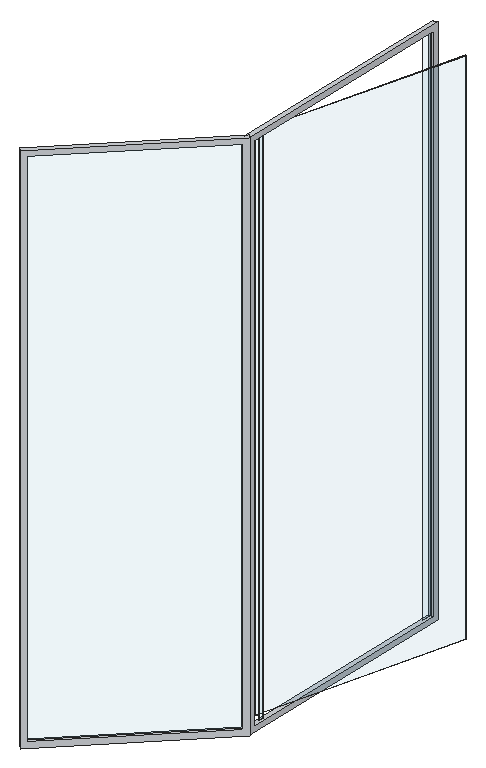
Revit family "PFX_A3-Shower-Screen-Special-3", category Plumbing Fixtures, Revit 2016
Family settings
  Part Type = Normal
  Round Connector Dimension = Use Diameter
  Work Plane-Based = No
  Always vertical = Yes
  Cut with Voids When Loaded = No
  Shared = No
  Room Calculation Point = No
Parameters (values of type "Shower Screen Special 3")
  Return [instance] = 1000 mm
  Height [instance] = 2100 mm
  Door side [instance] = 921.9 mm
  Assembly Code = ""
Reference planes
  plane 1 "Center (Front/Back)": y = 0
  plane 2: z = 0
  plane 3 "Center (Left/Right)": x = 100
  plane 4: y = 460.95
  plane 5: y = -460.95
  plane 6: x = -400
  plane 7: x = 600
  plane 8: z = 2100
  plane 9: z = 20
  plane 10: z = 2080
  plane 11: y = 580
  plane 12: x = 580
  plane 13: x = 588.948
  plane 14: x = 591.948
  plane 15: y = 591
  plane 16: y = 588
  plane 17: z = 2077
  plane 18: y = 400
  plane 19: y = -400
  plane 20: through (624.496, -167.333, 0) normal (0.9659, -0.2588, 0)
  plane 21: through (-58.539, -218.471, 0) normal (0.2588, 0.9659, 0)
  plane 22: y = -320
  plane 23: through (621.598, -166.557, 0) normal (0.9659, -0.2588, 0)
  plane 24: through (148.516, 554.27, 0) normal (0.2588, 0.9659, 0)
  plane 25: through (537.728, 367.769, 1200) normal (-0.3827, 0.9239, 0)
  plane 26: through (652.728, -415.404, 1200) normal (-0.3827, -0.9239, 0)
Forms (mm)
  Sweep 1, solid
    path origin (100, 0, 0) x (0, 1, 0) y (0, 0, 1)
      loop
        line (-460.95, 2100) -> (-460.95, 0) -> (460.95, 0) -> (460.95, 2100) -> (-460.95, 2100)
    profile origin (0, 0, 0) x (0, 0, 1) y (1, 0, 0)
      loop
        line (2100, 600) -> (2080, 600) -> (2080, 580) -> (2100, 580) -> (2100, 600)
  Extrusion 2, solid, material "Glass"
    sketch origin (100, 0, 0) x (0, 1, 0) y (0, 0, 1)
      loop
        line (400, 2080) -> (400, 20) -> (440.95, 20) -> (440.95, 2080) -> (400, 2080)
    from 488.948 to 491.948
  Extrusion 3, solid, material "Glass"
    sketch origin (100, 0, 0) x (0, 1, 0) y (0, 0, 1)
      loop
        line (-380, 20) -> (-380, 2077) -> (-400, 2077) -> (-400, 20) -> (-380, 20)
    from 488.948 to 491.948
  Extrusion 4, solid, material "Glass"
    sketch origin (0, 0, 0) x (1, 0, 0) y (0, 1, 0)
      loop
        line (563.059, -385.027) -> (565.957, -385.804) -> (773.012, 386.937) -> (770.114, 387.713) -> (563.059, -385.027)
    from 23.277 to 2077
  Sweep 5, solid
    path origin (-167.641, -526.566, 0) x (0.705457, 0.708753, 0) y (0, 0, 1)
      loop
        line (-117.221, 2100) -> (-117.221, 0) -> (587.162, 0) -> (587.162, 2100) -> (-117.221, 2100)
    profile origin (-180.948, -181.794, 0) x (0, 0, 1) y (0.708753, -0.705457, 0)
      loop
        line (2100, 752.654) -> (2080, 752.654) -> (2080, 732.654) -> (2100, 732.654) -> (2100, 752.654)
  Extrusion 6, solid, material "Glass"
    sketch origin (-167.641, -526.566, 0) x (0.705457, 0.708753, 0) y (0, 0, 1)
      loop
        line (-97.221, 2080) -> (-97.221, 20) -> (567.162, 20) -> (567.162, 2080) -> (-97.221, 2080)
    from 488.948 to 491.948
Lines and regions (mm)
  symbolic lines
    curve 1: line (580, -8.284, 0) -> (580, -460.95, 0)
Dimensions and locks
  locked: plane 10 to plane 8 at 20
  locked: level to plane 9 at 20
  "Height": plane 8 to level
  locked: plane 17 to plane 10 at 3
  locked: plane 19 to plane 18 at 800
  equal spacing: plane 5, plane 1 "Center (Front/Back)", plane 4
  "Door side": plane 5 to plane 4
  equal spacing: plane 6, plane 3 "Center (Left/Right)", plane 7
  locked: plane 19 to plane 22 at 80
  locked: plane 20 to plane 23 at 3
  aligned and locked: plane 8 to Sweep 1 sketch curve  (x2)
  aligned and locked: Sweep 1 sketch curve to plane 5
  aligned and locked: Sweep 1 sketch curve to level
  aligned and locked: plane 10 to Sweep 1 sketch curve
  aligned and locked: plane 12 to Sweep 1 sketch curve
  aligned and locked: plane 7 to Sweep 1 sketch curve
  aligned and locked: Sweep 1 to Extrusion 2 sketch curve
  aligned and locked: Extrusion 2 sketch curve to Sweep 1  (x2)
  aligned and locked: Extrusion 2 to plane 14
  aligned and locked: plane 13 to Extrusion 2
  aligned and locked: plane 12 to curve 1
  aligned and locked: Sweep 1 sketch curve to plane 4
  aligned and locked: Extrusion 2 sketch curve to plane 18
  aligned and locked: plane 17 to Extrusion 3 sketch curve
  aligned and locked: Extrusion 3 sketch curve to plane 19
  aligned and locked: plane 9 to Extrusion 3 sketch curve
  aligned and locked: plane 13 to Extrusion 3
  aligned and locked: Extrusion 3 to plane 14
  aligned and locked: plane 23 to Extrusion 4 sketch curve
  aligned and locked: plane 20 to Extrusion 4 sketch curve
  aligned and locked: plane 21 to Extrusion 4 sketch curve
  aligned and locked: plane 24 to Extrusion 4 sketch curve
  aligned and locked: Extrusion 4 to plane 17
  aligned and locked: Sweep 5 to Extrusion 6 sketch curve  (x2)
  aligned and locked: Extrusion 6 sketch curve to Sweep 5
Automatic sketch dimensions
  curve 1 to plane 5 = 0 mm
  plane 1 "Center (Front/Back)" to curve 1 = 8.284 mm
  Extrusion 3 sketch curve to Extrusion 3 sketch curve = 20 mm
  Sweep 5 sketch curve to level = 0 mm
  Sweep 5 sketch curve to plane 8 = 0 mm
  Sweep 5 sketch curve to Sweep 5 sketch curve = 704.383 mm
  Sweep 5 sketch curve to profile plane = 0 mm
  Sweep 5 sketch curve to Sweep 5 sketch curve = 20 mm  (x2)
  Extrusion 6 sketch curve to Extrusion 6 sketch curve = 664.383 mm
